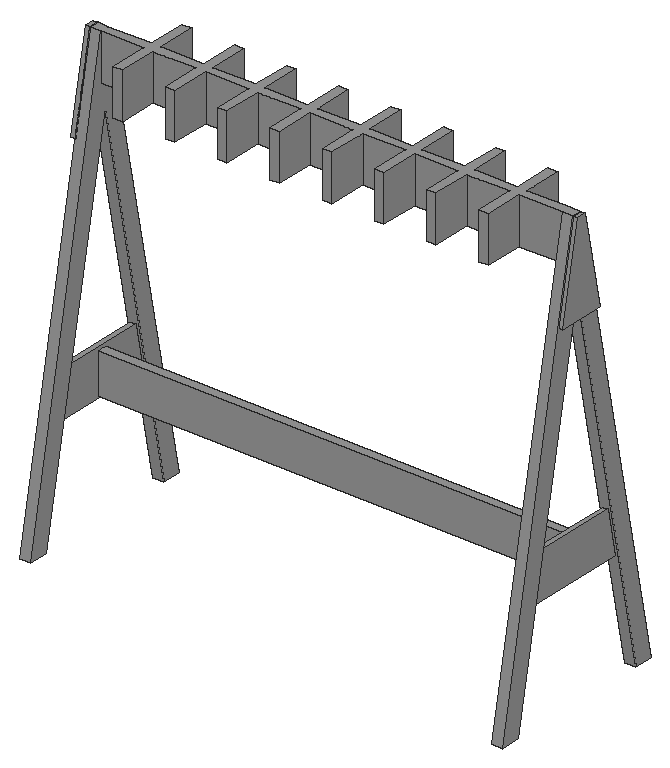
Revit family "Подставка для лыж 17 Арт 10007", category Антураж, Revit 2018
Family settings
  На основе рабочей плоскости = Нет
  Всегда вертикально = Да
  При загрузке вырезать с полостями = Нет
  Источник визуального образа = Геометрия семейства
  Общий = Нет
  Точка расчета площади = Нет
Parameters (values of type "Подставка для лыж 17")
  Ширина = 600 mm  # constant formula
  Цвет каркаса = Дерево
  Описание = "Подставка для лыж 17"  # constant formula
  Материал изделия = "Дерево"  # constant formula
  Изображение типоразмера = Подставка для лыж 17 Арт 10007.jpg
  Изготовитель = "ООО «Хоббика»"  # constant formula
  Длина = 1600 mm  # constant formula
  Группа модели = "Подставки для лыж и сноубордов"  # constant formula
  Высота = 1425 mm  # constant formula
  Артикул товара = "Арт 10007"  # constant formula
  URL = "https://hobbyka.ru/product/podstavka_dlya_lyzh_17/"
Reference planes
  plane 1 "По центру (Вперед/Назад)": y = 0
  plane 2: z = 0
  plane 3 "По центру (Влево/Вправо)": x = 0
  plane 4: y = 600
  plane 5: x = 1600
  plane 6: z = 1425
Forms (mm)
  Extrusion 1, solid, material "Дерево" <- "Цвет каркаса"
    sketch origin (0, 0, 0) x (0, 1, 0) y (0, 0, 1)
      loop
        line (315, 1425) -> (285, 1425) -> (285, 1275) -> (315, 1275) -> (315, 1425)
      loop
        line (315, 490) -> (285, 490) -> (285, 360) -> (315, 360) -> (315, 490)
    from 40 to 1560
  Extrusion 2, solid, material "Дерево" <- "Цвет каркаса"
    sketch origin (0, 0, 0) x (0, 1, 0) y (0, 0, 1)
      loop
        line (300, 1194.059) -> (538.812, 0) -> (600, 0) -> (315, 1425) -> (285, 1425) -> (0, 0) -> (61.188, 0) -> (300, 1194.059)
    from 15 to 50
  Extrusion 3, solid, material "Дерево" <- "Цвет каркаса"
    sketch origin (0, 0, 0) x (0, 1, 0) y (0, 0, 1)
      loop
        line (468.812, 350) -> (438.812, 500) -> (161.188, 500) -> (131.188, 350) -> (468.812, 350)
    from 25 to 40
  Extrusion 4, solid, material "Дерево" <- "Цвет каркаса"
    sketch origin (0, 0, 0) x (0, 1, 0) y (0, 0, 1)
      loop
        line (285, 1425) -> (225, 1125) -> (375, 1125) -> (315, 1425) -> (285, 1425)
    from 0 to 15
  Extrusion 5, solid, material "Дерево" <- "Цвет каркаса"
    sketch origin (1600, 0, 0) x (0, 1, 0) y (0, 0, -1)
      loop
        line (300, -1194.059) -> (61.188, 0) -> (0, 0) -> (285, -1425) -> (315, -1425) -> (600, 0) -> (538.812, 0) -> (300, -1194.059)
    from 15 to 50
  Extrusion 6, solid, material "Дерево" <- "Цвет каркаса"
    sketch origin (1600, 0, 0) x (0, 1, 0) y (0, 0, -1)
      loop
        line (468.812, -350) -> (131.188, -350) -> (161.188, -500) -> (438.812, -500) -> (468.812, -350)
    from 25 to 40
  Extrusion 7, solid, material "Дерево" <- "Цвет каркаса"
    sketch origin (1600, 0, 0) x (0, 1, 0) y (0, 0, -1)
      loop
        line (285, -1425) -> (315, -1425) -> (375, -1125) -> (225, -1125) -> (285, -1425)
    from 0 to 15
  Extrusion 8, solid, material "Дерево" <- "Цвет каркаса"
    sketch origin (0, 0, 0) x (1, 0, 0) y (0, 1, 0)
      loop
        line (190, 440) -> (190, 160) -> (220, 160) -> (220, 440) -> (190, 440)
    from 1275 to 1425
  Extrusion 9, solid, material "Дерево" <- "Цвет каркаса"
    sketch origin (170, 0, 0) x (1, 0, 0) y (0, 1, 0)
      loop
        line (190, 440) -> (190, 160) -> (220, 160) -> (220, 440) -> (190, 440)
    from 1275 to 1425
  Extrusion 10, solid, material "Дерево" <- "Цвет каркаса"
    sketch origin (340, 0, 0) x (1, 0, 0) y (0, 1, 0)
      loop
        line (190, 440) -> (190, 160) -> (220, 160) -> (220, 440) -> (190, 440)
    from 1275 to 1425
  Extrusion 11, solid, material "Дерево" <- "Цвет каркаса"
    sketch origin (510, 0, 0) x (1, 0, 0) y (0, 1, 0)
      loop
        line (190, 440) -> (190, 160) -> (220, 160) -> (220, 440) -> (190, 440)
    from 1275 to 1425
  Extrusion 12, solid, material "Дерево" <- "Цвет каркаса"
    sketch origin (680, 0, 0) x (1, 0, 0) y (0, 1, 0)
      loop
        line (190, 440) -> (190, 160) -> (220, 160) -> (220, 440) -> (190, 440)
    from 1275 to 1425
  Extrusion 13, solid, material "Дерево" <- "Цвет каркаса"
    sketch origin (850, 0, 0) x (1, 0, 0) y (0, 1, 0)
      loop
        line (190, 440) -> (190, 160) -> (220, 160) -> (220, 440) -> (190, 440)
    from 1275 to 1425
  Extrusion 14, solid, material "Дерево" <- "Цвет каркаса"
    sketch origin (1020, 0, 0) x (1, 0, 0) y (0, 1, 0)
      loop
        line (190, 440) -> (190, 160) -> (220, 160) -> (220, 440) -> (190, 440)
    from 1275 to 1425
  Extrusion 15, solid, material "Дерево" <- "Цвет каркаса"
    sketch origin (1190, 0, 0) x (1, 0, 0) y (0, 1, 0)
      loop
        line (190, 440) -> (190, 160) -> (220, 160) -> (220, 440) -> (190, 440)
    from 1275 to 1425
Cuts and joins
  joined: Extrusion 1, Extrusion 2, Extrusion 3, Extrusion 5, Extrusion 8, Extrusion 9, Extrusion 10, Extrusion 11, Extrusion 12, Extrusion 13, Extrusion 14, Extrusion 15
Dimensions and locks
  "Длина": plane 3 "По центру (Влево/Вправо)" to plane 5
  "Ширина": plane 4 to plane 1 "По центру (Вперед/Назад)"
  "Высота": plane 6 to plane 2
  aligned and locked: level to plane 2
Automatic sketch dimensions
  Extrusion 1 sketch curve to plane 6 = 0 mm
  Extrusion 1 sketch curve to plane 1 "По центру (Вперед/Назад)" = 285 mm  (x2)
  Extrusion 1 sketch curve to Extrusion 1 sketch curve = 30 mm  (x2)
  Extrusion 1 sketch curve to plane 6 = 150 mm
  level to Extrusion 1 sketch curve = 490 mm
  Extrusion 1 sketch curve to Extrusion 1 sketch curve = 130 mm
  Extrusion 2 sketch curve to level = 0 mm  (x2)
  Extrusion 2 sketch curve to plane 1 "По центру (Вперед/Назад)" = 0 mm
  Extrusion 2 sketch curve to plane 6 = 0 mm
  Extrusion 2 sketch curve to plane 4 = 0 mm
  Extrusion 2 sketch curve to Extrusion 2 sketch curve = 61.188 mm  (x2)
  Extrusion 2 sketch curve to plane 1 "По центру (Вперед/Назад)" = 285 mm
  Extrusion 2 sketch curve to Extrusion 2 sketch curve = 15 mm
  Extrusion 2 sketch curve to Extrusion 2 sketch curve = 30 mm
  Extrusion 2 sketch curve to plane 6 = 230.941 mm
  Extrusion 3 sketch curve to plane 1 "По центру (Вперед/Назад)" = 131.188 mm
  Extrusion 3 sketch curve to Extrusion 3 sketch curve = 30 mm
  Extrusion 3 sketch curve to plane 4 = 161.188 mm
  Extrusion 3 sketch curve to plane 4 = 131.188 mm
  level to Extrusion 3 sketch curve = 350 mm
  Extrusion 3 sketch curve to Extrusion 3 sketch curve = 150 mm
  Extrusion 4 sketch curve to plane 6 = 0 mm
  Extrusion 4 sketch curve to plane 1 "По центру (Вперед/Назад)" = 225 mm
  Extrusion 4 sketch curve to plane 1 "По центру (Вперед/Назад)" = 285 mm
  Extrusion 4 sketch curve to Extrusion 4 sketch curve = 30 mm
  Extrusion 4 sketch curve to Extrusion 4 sketch curve = 150 mm
  Extrusion 4 sketch curve to plane 6 = 300 mm
  Extrusion 5 sketch curve to level = 0 mm  (x2)
  Extrusion 5 sketch curve to plane 1 "По центру (Вперед/Назад)" = 0 mm
  Extrusion 5 sketch curve to plane 6 = 0 mm
  Extrusion 5 sketch curve to plane 4 = 0 mm
  Extrusion 5 sketch curve to Extrusion 5 sketch curve = 61.188 mm
  Extrusion 5 sketch curve to plane 1 "По центру (Вперед/Назад)" = 285 mm
  Extrusion 5 sketch curve to Extrusion 5 sketch curve = 15 mm
  Extrusion 5 sketch curve to Extrusion 5 sketch curve = 30 mm
  Extrusion 5 sketch curve to plane 4 = 61.188 mm
  Extrusion 5 sketch curve to plane 6 = 230.941 mm
  Extrusion 6 sketch curve to plane 1 "По центру (Вперед/Назад)" = 131.188 mm
  Extrusion 6 sketch curve to Extrusion 6 sketch curve = 30 mm
  Extrusion 6 sketch curve to plane 4 = 161.188 mm
  Extrusion 6 sketch curve to plane 4 = 131.188 mm
  level to Extrusion 6 sketch curve = 500 mm
  Extrusion 6 sketch curve to Extrusion 6 sketch curve = 150 mm
  Extrusion 7 sketch curve to plane 6 = 0 mm
  Extrusion 7 sketch curve to plane 1 "По центру (Вперед/Назад)" = 225 mm
  Extrusion 7 sketch curve to plane 1 "По центру (Вперед/Назад)" = 285 mm
  Extrusion 7 sketch curve to Extrusion 7 sketch curve = 30 mm
  Extrusion 7 sketch curve to Extrusion 7 sketch curve = 150 mm
  Extrusion 7 sketch curve to plane 6 = 300 mm
  plane 3 "По центру (Влево/Вправо)" to Extrusion 8 sketch curve = 190 mm
  Extrusion 8 sketch curve to Extrusion 8 sketch curve = 30 mm
  Extrusion 8 sketch curve to plane 1 "По центру (Вперед/Назад)" = 160 mm
  Extrusion 8 sketch curve to plane 4 = 160 mm
  Extrusion 9 sketch curve to plane 1 "По центру (Вперед/Назад)" = 160 mm
  plane 3 "По центру (Влево/Вправо)" to Extrusion 9 sketch curve = 360 mm
  Extrusion 9 sketch curve to Extrusion 9 sketch curve = 30 mm
  Extrusion 9 sketch curve to plane 4 = 160 mm
  Extrusion 10 sketch curve to plane 1 "По центру (Вперед/Назад)" = 160 mm
  plane 3 "По центру (Влево/Вправо)" to Extrusion 10 sketch curve = 530 mm
  Extrusion 10 sketch curve to Extrusion 10 sketch curve = 30 mm
  Extrusion 10 sketch curve to plane 4 = 160 mm
  Extrusion 11 sketch curve to plane 1 "По центру (Вперед/Назад)" = 160 mm
  plane 3 "По центру (Влево/Вправо)" to Extrusion 11 sketch curve = 700 mm
  Extrusion 11 sketch curve to Extrusion 11 sketch curve = 30 mm
  Extrusion 11 sketch curve to plane 4 = 160 mm
  Extrusion 12 sketch curve to plane 1 "По центру (Вперед/Назад)" = 160 mm
  Extrusion 12 sketch curve to plane 5 = 730 mm
  Extrusion 12 sketch curve to Extrusion 12 sketch curve = 30 mm
  Extrusion 12 sketch curve to plane 4 = 160 mm
  Extrusion 13 sketch curve to plane 1 "По центру (Вперед/Назад)" = 160 mm
  Extrusion 13 sketch curve to plane 5 = 560 mm
  Extrusion 13 sketch curve to Extrusion 13 sketch curve = 30 mm
  Extrusion 13 sketch curve to plane 4 = 160 mm
  Extrusion 14 sketch curve to plane 1 "По центру (Вперед/Назад)" = 160 mm
  Extrusion 14 sketch curve to plane 5 = 390 mm
  Extrusion 14 sketch curve to Extrusion 14 sketch curve = 30 mm
  Extrusion 14 sketch curve to plane 4 = 160 mm
  Extrusion 15 sketch curve to plane 5 = 220 mm
  Extrusion 15 sketch curve to Extrusion 15 sketch curve = 30 mm
  Extrusion 15 sketch curve to plane 1 "По центру (Вперед/Назад)" = 160 mm
  Extrusion 15 sketch curve to plane 4 = 160 mm
